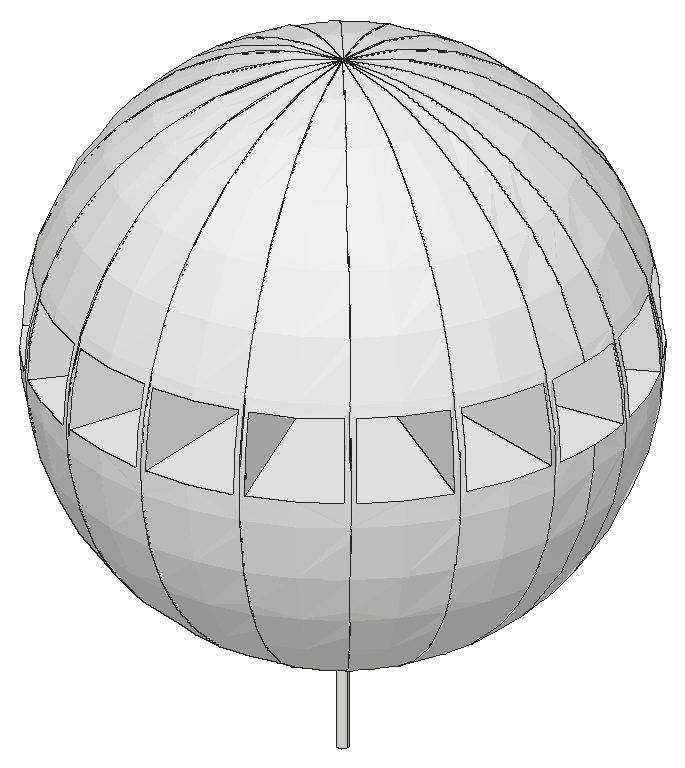
Revit family "123Electronics_Commercial-Loudspeakers_Biamp_Dispersion-Sphere-Loudspeaker_SPH20", category Communication Devices, host Face, Revit 2020 (continued)
Dimensions and locks (in)
  aligned and locked: plane 5 to Extrusion 9
  aligned and locked: plane 5 to Extrusion 11
  aligned and locked: plane 5 to Extrusion 18
  aligned and locked: plane 5 to Extrusion 10
  aligned and locked: plane 5 to Extrusion 13
  aligned and locked: plane 5 to Extrusion 19
  aligned and locked: plane 5 to Extrusion 2
  aligned and locked: plane 5 to Extrusion 3
  aligned and locked: plane 5 to Extrusion 5
  aligned and locked: plane 5 to Extrusion 4
  aligned and locked: plane 5 to Extrusion 8
  aligned and locked: Extrusion 4 to plane 4
  aligned and locked: Extrusion 3 to plane 4
  aligned and locked: Extrusion 5 to plane 4
  aligned and locked: Extrusion 8 to plane 4
  aligned and locked: Extrusion 7 to plane 4
  aligned and locked: Extrusion 6 to plane 4
  aligned and locked: Extrusion 17 to plane 4
  aligned and locked: Extrusion 19 to plane 4
  aligned and locked: Extrusion 18 to plane 4
  aligned and locked: Extrusion 10 to plane 4
  aligned and locked: Extrusion 11 to plane 4
  aligned and locked: Revolve 20 sketch curve to plane 4
  aligned and locked: plane 5 to Revolve 20 sketch curve
  aligned and locked: cut or joined group of Extrusion 5, Revolve 20, Extrusion 23, Extrusion 27 to plane 8
  aligned and locked: cut or joined group of Extrusion 3, Revolve 20, Extrusion 24, Extrusion 28 to plane 8
  aligned and locked: cut or joined group of Extrusion 2, Revolve 20, Extrusion 22, Extrusion 24, Extrusion 26 to plane 8
  aligned and locked: cut or joined group of Extrusion 9, Revolve 20, Extrusion 26, Extrusion 30 to plane 8
  aligned and locked: cut or joined group of Extrusion 7, Revolve 20, Extrusion 25, Extrusion 29 to plane 8
  aligned and locked: cut or joined group of Extrusion 6, Revolve 20, Extrusion 29, Extrusion 33 to plane 8
  aligned and locked: cut or joined group of Extrusion 17, Revolve 20, Extrusion 30, Extrusion 32, Extrusion 34 to plane 8
  aligned and locked: cut or joined group of Extrusion 14, Revolve 20, Extrusion 32, Extrusion 36 to plane 8
  aligned and locked: cut or joined group of Extrusion 16, Revolve 20, Extrusion 31, Extrusion 35 to plane 8
  aligned and locked: cut or joined group of Extrusion 15, Revolve 20, Extrusion 35 to plane 8
  aligned and locked: cut or joined group of Extrusion 8, Revolve 20, Extrusion 28, Extrusion 32 to plane 8
  aligned and locked: cut or joined group of Extrusion 12, Revolve 20, Extrusion 36 to plane 8
  aligned and locked: cut or joined group of Extrusion 13, Revolve 20, Extrusion 34, Extrusion 36, Extrusion 38 to plane 8
  aligned and locked: cut or joined group of Extrusion 4, Revolve 20, Extrusion 27, Extrusion 31 to plane 8
  aligned and locked: cut or joined group of Extrusion 3, Revolve 20, Extrusion 24, Extrusion 28 to plane 7
  aligned and locked: cut or joined group of Extrusion 2, Revolve 20, Extrusion 22, Extrusion 24, Extrusion 26 to plane 7
  aligned and locked: cut or joined group of Extrusion 6, Revolve 20, Extrusion 29, Extrusion 33 to plane 7
  aligned and locked: cut or joined group of Extrusion 7, Revolve 20, Extrusion 25, Extrusion 29 to plane 7
  aligned and locked: cut or joined group of Extrusion 9, Revolve 20, Extrusion 26, Extrusion 30 to plane 7
  aligned and locked: cut or joined group of Extrusion 8, Revolve 20, Extrusion 28, Extrusion 32 to plane 7
  aligned and locked: cut or joined group of Extrusion 17, Revolve 20, Extrusion 30, Extrusion 32, Extrusion 34 to plane 7
  aligned and locked: cut or joined group of Extrusion 14, Revolve 20, Extrusion 32, Extrusion 36 to plane 7
  aligned and locked: cut or joined group of Extrusion 16, Revolve 20, Extrusion 31, Extrusion 35 to plane 7
  aligned and locked: cut or joined group of Extrusion 15, Revolve 20, Extrusion 35 to plane 7
  aligned and locked: cut or joined group of Extrusion 12, Revolve 20, Extrusion 36 to plane 7
  aligned and locked: cut or joined group of Extrusion 13, Revolve 20, Extrusion 34, Extrusion 36, Extrusion 38 to plane 7
  aligned and locked: cut or joined group of Extrusion 4, Revolve 20, Extrusion 27, Extrusion 31 to plane 7
  aligned and locked: cut or joined group of Extrusion 5, Revolve 20, Extrusion 23, Extrusion 27 to plane 7
  aligned and locked: cut or joined group of Extrusion 19, Revolve 20, Extrusion 21, Extrusion 22, Extrusion 23, Extrusion 25, Extrusion 38 to plane 8
  aligned and locked: cut or joined group of Extrusion 19, Revolve 20, Extrusion 21, Extrusion 22, Extrusion 23, Extrusion 25, Extrusion 38 to plane 7
  aligned and locked: cut or joined group of Extrusion 18, Revolve 20, Extrusion 38 to plane 7
  aligned and locked: cut or joined group of Extrusion 18, Revolve 20, Extrusion 38 to plane 8
  aligned and locked: plane 8 to cut or joined group of Extrusion 3, Revolve 20, Extrusion 24, Extrusion 28
  aligned and locked: plane 8 to cut or joined group of Extrusion 5, Revolve 20, Extrusion 23, Extrusion 27
  aligned and locked: cut or joined group of Extrusion 10, Revolve 20, Extrusion 37 to plane 7
  aligned and locked: cut or joined group of Extrusion 11, Revolve 20, Extrusion 33, Extrusion 37 to plane 7
  aligned and locked: cut or joined group of Extrusion 11, Revolve 20, Extrusion 33, Extrusion 37 to plane 8
  aligned and locked: cut or joined group of Extrusion 10, Revolve 20, Extrusion 37 to plane 8
  aligned and locked: cut or joined group of Extrusion 15, Revolve 20, Extrusion 35 to plane 4
  aligned and locked: cut or joined group of Extrusion 16, Revolve 20, Extrusion 31, Extrusion 35 to plane 4
  aligned and locked: cut or joined group of Extrusion 12, Revolve 20, Extrusion 36 to plane 4
  aligned and locked: cut or joined group of Extrusion 13, Revolve 20, Extrusion 34, Extrusion 36, Extrusion 38 to plane 4
  aligned and locked: cut or joined group of Extrusion 14, Revolve 20, Extrusion 32, Extrusion 36 to plane 4
  aligned and locked: plane 9 to Revolve 39 sketch curve
  aligned and locked: plane 6 to Revolve 39 sketch curve
  aligned and locked: Masking region 4 sketch curve to plane 4
  aligned and locked: Masking region 4 sketch curve to plane 5
  aligned and locked: plane 7 to cut or joined group of Extrusion 17, Revolve 20, Extrusion 30, Extrusion 32, Extrusion 34
  aligned and locked: plane 7 to cut or joined group of Extrusion 6, Revolve 20, Extrusion 29, Extrusion 33
  aligned and locked: plane 7 to cut or joined group of Extrusion 7, Revolve 20, Extrusion 25, Extrusion 29
  aligned and locked: plane 7 to cut or joined group of Extrusion 9, Revolve 20, Extrusion 26, Extrusion 30
  aligned and locked: Masking region 2 sketch curve to plane 6
  aligned and locked: Masking region 5 sketch curve to plane 9
  aligned and locked: Masking region 5 sketch curve to plane 6
  aligned and locked: Masking region 6 sketch curve to cut or joined group of Extrusion 1, Extrusion 21, Revolve 39
  aligned and locked: Masking region 6 sketch curve to Masking region 1
  aligned and locked: Masking region 7 sketch curve to plane 5
  aligned and locked: Masking region 7 sketch curve to plane 4
  aligned and locked: plane 7 to cut or joined group of Extrusion 5, Revolve 20, Extrusion 23, Extrusion 27  (x2)
  aligned and locked: plane 7 to cut or joined group of Extrusion 4, Revolve 20, Extrusion 27, Extrusion 31
  aligned and locked: Revolve 40 sketch curve to plane 4
  aligned and locked: Revolve 40 sketch curve to plane 5
  aligned and locked: Revolve 40 to curve 119
Automatic sketch dimensions
  host sketch curve to host sketch curve = 96.00"  (x2)
  plane 1 "Center (Front/Back)" to Extrusion 1 sketch curve = 0.00"
  Extrusion 1 sketch curve to plane 3 "Center (Left/Right)" = 0.00"
  plane 1 "Center (Front/Back)" to Masking region 1 sketch curve = 0.09843"
  Masking region 1 sketch curve to plane 1 "Center (Front/Back)" = 0.09843"
  Extrusion 2 sketch curve to plane 3 "Center (Left/Right)" = 0.00"
  plane 1 "Center (Front/Back)" to Extrusion 2 sketch curve = 0.00"
  plane 3 "Center (Left/Right)" to Extrusion 2 sketch curve = 1.71683"
  Extrusion 2 sketch curve to plane 1 "Center (Front/Back)" = 4.71696"
  Extrusion 2 sketch curve to Extrusion 2 sketch curve = 0.30272"
  plane 1 "Center (Front/Back)" to Extrusion 3 sketch curve = 0.00"
  Extrusion 3 sketch curve to plane 3 "Center (Left/Right)" = 0.00"
  Extrusion 3 sketch curve to Extrusion 3 sketch curve = 1.71683"
  Extrusion 3 sketch curve to Extrusion 3 sketch curve = 4.71696"
  Extrusion 3 sketch curve to Extrusion 3 sketch curve = 0.30272"
  plane 1 "Center (Front/Back)" to Extrusion 4 sketch curve = 0.00"
  Extrusion 4 sketch curve to plane 3 "Center (Left/Right)" = 0.00"
  Extrusion 4 sketch curve to Extrusion 4 sketch curve = 1.71683"
  Extrusion 4 sketch curve to Extrusion 4 sketch curve = 4.71696"
  Extrusion 4 sketch curve to Extrusion 4 sketch curve = 0.30272"
  plane 1 "Center (Front/Back)" to Extrusion 5 sketch curve = 0.00"
  Extrusion 5 sketch curve to plane 3 "Center (Left/Right)" = 0.00"
  Extrusion 5 sketch curve to Extrusion 5 sketch curve = 1.71683"
  Extrusion 5 sketch curve to Extrusion 5 sketch curve = 4.71696"
  Extrusion 5 sketch curve to Extrusion 5 sketch curve = 0.30272"
  plane 1 "Center (Front/Back)" to Extrusion 6 sketch curve = 0.00"
  Extrusion 6 sketch curve to plane 3 "Center (Left/Right)" = 0.00"
  Extrusion 6 sketch curve to Extrusion 6 sketch curve = 1.71683"
  Extrusion 6 sketch curve to Extrusion 6 sketch curve = 4.71696"
  Extrusion 6 sketch curve to Extrusion 6 sketch curve = 0.30272"
  plane 1 "Center (Front/Back)" to Extrusion 7 sketch curve = 0.00"
  Extrusion 7 sketch curve to plane 3 "Center (Left/Right)" = 0.00"
  Extrusion 7 sketch curve to Extrusion 7 sketch curve = 1.71683"
  Extrusion 7 sketch curve to Extrusion 7 sketch curve = 4.71696"
  Extrusion 7 sketch curve to Extrusion 7 sketch curve = 0.30272"
  plane 1 "Center (Front/Back)" to Extrusion 8 sketch curve = 0.00"
  Extrusion 8 sketch curve to plane 3 "Center (Left/Right)" = 0.00"
  Extrusion 8 sketch curve to Extrusion 8 sketch curve = 1.71683"
  Extrusion 8 sketch curve to Extrusion 8 sketch curve = 4.71696"
  Extrusion 8 sketch curve to Extrusion 8 sketch curve = 0.30272"
  plane 1 "Center (Front/Back)" to Extrusion 9 sketch curve = 0.00"
  Extrusion 9 sketch curve to plane 3 "Center (Left/Right)" = 0.00"
  Extrusion 9 sketch curve to Extrusion 9 sketch curve = 1.71683"
  Extrusion 9 sketch curve to Extrusion 9 sketch curve = 4.71696"
  Extrusion 9 sketch curve to Extrusion 9 sketch curve = 0.30272"
  plane 1 "Center (Front/Back)" to Extrusion 10 sketch curve = 0.00"
  Extrusion 10 sketch curve to plane 3 "Center (Left/Right)" = 0.00"
  Extrusion 10 sketch curve to Extrusion 10 sketch curve = 1.71683"
  Extrusion 10 sketch curve to Extrusion 10 sketch curve = 4.71696"
  Extrusion 10 sketch curve to Extrusion 10 sketch curve = 0.30272"
  plane 1 "Center (Front/Back)" to Extrusion 11 sketch curve = 0.00"
  Extrusion 11 sketch curve to plane 3 "Center (Left/Right)" = 0.00"
  Extrusion 11 sketch curve to Extrusion 11 sketch curve = 1.71683"
  Extrusion 11 sketch curve to Extrusion 11 sketch curve = 4.71696"
  Extrusion 11 sketch curve to Extrusion 11 sketch curve = 0.30272"
  plane 1 "Center (Front/Back)" to Extrusion 12 sketch curve = 0.00"
  Extrusion 12 sketch curve to plane 3 "Center (Left/Right)" = 0.00"
  Extrusion 12 sketch curve to Extrusion 12 sketch curve = 1.71683"
  Extrusion 12 sketch curve to Extrusion 12 sketch curve = 4.71696"
  Extrusion 12 sketch curve to Extrusion 12 sketch curve = 0.30272"
  plane 1 "Center (Front/Back)" to Extrusion 13 sketch curve = 0.00"
  Extrusion 13 sketch curve to plane 3 "Center (Left/Right)" = 0.00"
  Extrusion 13 sketch curve to Extrusion 13 sketch curve = 1.71683"
  Extrusion 13 sketch curve to Extrusion 13 sketch curve = 4.71696"
  Extrusion 13 sketch curve to Extrusion 13 sketch curve = 0.30272"
  plane 1 "Center (Front/Back)" to Extrusion 14 sketch curve = 0.00"
  Extrusion 14 sketch curve to plane 3 "Center (Left/Right)" = 0.00"  (x2)
  Extrusion 14 sketch curve to Extrusion 14 sketch curve = 1.71683"
  Extrusion 14 sketch curve to Extrusion 14 sketch curve = 0.30272"
  plane 1 "Center (Front/Back)" to Extrusion 15 sketch curve = 0.00"
  Extrusion 15 sketch curve to plane 3 "Center (Left/Right)" = 0.00"
  Extrusion 15 sketch curve to Extrusion 15 sketch curve = 1.71683"
  Extrusion 15 sketch curve to Extrusion 15 sketch curve = 4.71696"
  Extrusion 15 sketch curve to Extrusion 15 sketch curve = 0.30272"
  plane 1 "Center (Front/Back)" to Extrusion 16 sketch curve = 0.00"
  Extrusion 16 sketch curve to plane 3 "Center (Left/Right)" = 0.00"
  Extrusion 16 sketch curve to Extrusion 16 sketch curve = 1.71683"
  Extrusion 16 sketch curve to Extrusion 16 sketch curve = 4.71696"
  Extrusion 16 sketch curve to Extrusion 16 sketch curve = 0.30272"
  plane 1 "Center (Front/Back)" to Extrusion 17 sketch curve = 0.00"
  Extrusion 17 sketch curve to plane 3 "Center (Left/Right)" = 0.00"  (x2)
  Extrusion 17 sketch curve to Extrusion 17 sketch curve = 1.71683"
  Extrusion 17 sketch curve to Extrusion 17 sketch curve = 0.30272"
  plane 1 "Center (Front/Back)" to Extrusion 18 sketch curve = 0.00"
  Extrusion 18 sketch curve to plane 3 "Center (Left/Right)" = 0.00"
  Extrusion 18 sketch curve to Extrusion 18 sketch curve = 1.71683"
  Extrusion 18 sketch curve to Extrusion 18 sketch curve = 4.71696"
  Extrusion 18 sketch curve to Extrusion 18 sketch curve = 0.30272"
  Extrusion 19 sketch curve to plane 3 "Center (Left/Right)" = 0.00"
  plane 1 "Center (Front/Back)" to Extrusion 19 sketch curve = 0.00"
  plane 3 "Center (Left/Right)" to Extrusion 19 sketch curve = 1.71683"
  plane 1 "Center (Front/Back)" to Extrusion 19 sketch curve = 4.71696"
  Extrusion 19 sketch curve to Extrusion 19 sketch curve = 0.30272"
  plane 1 "Center (Front/Back)" to Extrusion 21 sketch curve = 0.00"
  Extrusion 21 sketch curve to plane 3 "Center (Left/Right)" = 0.00"
  Extrusion 21 sketch curve to plane 3 "Center (Left/Right)" = 0.08932"
  Extrusion 21 sketch curve to Extrusion 21 sketch curve = 1.57697"
  Extrusion 21 sketch curve to plane 1 "Center (Front/Back)" = 4.83927"
  Extrusion 21 sketch curve to Extrusion 21 sketch curve = 0.27806"
  plane 1 "Center (Front/Back)" to Extrusion 22 sketch curve = 0.00"
  Extrusion 22 sketch curve to plane 3 "Center (Left/Right)" = 0.00"
  Extrusion 22 sketch curve to plane 3 "Center (Left/Right)" = 0.08932"
  Extrusion 22 sketch curve to Extrusion 22 sketch curve = 1.57697"
  plane 1 "Center (Front/Back)" to Extrusion 22 sketch curve = 4.83927"
  Extrusion 22 sketch curve to Extrusion 22 sketch curve = 0.27806"
  plane 1 "Center (Front/Back)" to Extrusion 23 sketch curve = 0.00"
  Extrusion 23 sketch curve to plane 3 "Center (Left/Right)" = 0.00"
  Extrusion 23 sketch curve to Extrusion 23 sketch curve = 0.08932"
  Extrusion 23 sketch curve to Extrusion 23 sketch curve = 1.57697"
  Extrusion 23 sketch curve to Extrusion 23 sketch curve = 4.83927"
  Extrusion 23 sketch curve to Extrusion 23 sketch curve = 0.27806"
  plane 1 "Center (Front/Back)" to Extrusion 24 sketch curve = 0.00"
  Extrusion 24 sketch curve to plane 3 "Center (Left/Right)" = 0.00"
  Extrusion 24 sketch curve to Extrusion 24 sketch curve = 0.08932"
  Extrusion 24 sketch curve to Extrusion 24 sketch curve = 1.57697"
  Extrusion 24 sketch curve to Extrusion 24 sketch curve = 4.83927"
  Extrusion 24 sketch curve to Extrusion 24 sketch curve = 0.27806"
  plane 1 "Center (Front/Back)" to Extrusion 25 sketch curve = 0.00"
  Extrusion 25 sketch curve to plane 3 "Center (Left/Right)" = 0.00"
  Extrusion 25 sketch curve to Extrusion 25 sketch curve = 0.08932"
  Extrusion 25 sketch curve to Extrusion 25 sketch curve = 1.57697"
  Extrusion 25 sketch curve to Extrusion 25 sketch curve = 4.83927"
  Extrusion 25 sketch curve to Extrusion 25 sketch curve = 0.27806"
  plane 1 "Center (Front/Back)" to Extrusion 26 sketch curve = 0.00"
  Extrusion 26 sketch curve to plane 3 "Center (Left/Right)" = 0.00"
  Extrusion 26 sketch curve to Extrusion 26 sketch curve = 0.08932"
  Extrusion 26 sketch curve to Extrusion 26 sketch curve = 1.57697"
  Extrusion 26 sketch curve to Extrusion 26 sketch curve = 4.83927"
  Extrusion 26 sketch curve to Extrusion 26 sketch curve = 0.27806"
  plane 1 "Center (Front/Back)" to Extrusion 27 sketch curve = 0.00"
  Extrusion 27 sketch curve to plane 3 "Center (Left/Right)" = 0.00"
  Extrusion 27 sketch curve to Extrusion 27 sketch curve = 0.08932"
  Extrusion 27 sketch curve to Extrusion 27 sketch curve = 1.57697"
  Extrusion 27 sketch curve to Extrusion 27 sketch curve = 4.83927"
  Extrusion 27 sketch curve to Extrusion 27 sketch curve = 0.27806"
  plane 1 "Center (Front/Back)" to Extrusion 28 sketch curve = 0.00"
  Extrusion 28 sketch curve to plane 3 "Center (Left/Right)" = 0.00"
  Extrusion 28 sketch curve to Extrusion 28 sketch curve = 0.08932"
  Extrusion 28 sketch curve to Extrusion 28 sketch curve = 1.57697"
  Extrusion 28 sketch curve to Extrusion 28 sketch curve = 4.83927"
  Extrusion 28 sketch curve to Extrusion 28 sketch curve = 0.27806"
  plane 1 "Center (Front/Back)" to Extrusion 29 sketch curve = 0.00"
  Extrusion 29 sketch curve to plane 3 "Center (Left/Right)" = 0.00"
  Extrusion 29 sketch curve to Extrusion 29 sketch curve = 0.08932"
  Extrusion 29 sketch curve to Extrusion 29 sketch curve = 1.57697"
  Extrusion 29 sketch curve to Extrusion 29 sketch curve = 4.83927"
  Extrusion 29 sketch curve to Extrusion 29 sketch curve = 0.27806"
  plane 1 "Center (Front/Back)" to Extrusion 30 sketch curve = 0.00"
  Extrusion 30 sketch curve to plane 3 "Center (Left/Right)" = 0.00"
  Extrusion 30 sketch curve to Extrusion 30 sketch curve = 0.08932"
  Extrusion 30 sketch curve to Extrusion 30 sketch curve = 1.57697"
  Extrusion 30 sketch curve to Extrusion 30 sketch curve = 4.83927"
  Extrusion 30 sketch curve to Extrusion 30 sketch curve = 0.27806"
  plane 1 "Center (Front/Back)" to Extrusion 31 sketch curve = 0.00"
  Extrusion 31 sketch curve to plane 3 "Center (Left/Right)" = 0.00"
  Extrusion 31 sketch curve to Extrusion 31 sketch curve = 0.08932"
  Extrusion 31 sketch curve to Extrusion 31 sketch curve = 1.57697"
  Extrusion 31 sketch curve to Extrusion 31 sketch curve = 4.83927"
  Extrusion 31 sketch curve to Extrusion 31 sketch curve = 0.27806"
  plane 1 "Center (Front/Back)" to Extrusion 32 sketch curve = 0.00"
  Extrusion 32 sketch curve to plane 3 "Center (Left/Right)" = 0.00"
  Extrusion 32 sketch curve to Extrusion 32 sketch curve = 0.08932"
  Extrusion 32 sketch curve to Extrusion 32 sketch curve = 1.57697"
  Extrusion 32 sketch curve to Extrusion 32 sketch curve = 4.83927"
  Extrusion 32 sketch curve to Extrusion 32 sketch curve = 0.27806"
  plane 1 "Center (Front/Back)" to Extrusion 33 sketch curve = 0.00"
  Extrusion 33 sketch curve to plane 3 "Center (Left/Right)" = 0.00"
  Extrusion 33 sketch curve to Extrusion 33 sketch curve = 0.08932"
  Extrusion 33 sketch curve to Extrusion 33 sketch curve = 1.57697"
  Extrusion 33 sketch curve to Extrusion 33 sketch curve = 4.83927"
  Extrusion 33 sketch curve to Extrusion 33 sketch curve = 0.27806"
  plane 1 "Center (Front/Back)" to Extrusion 34 sketch curve = 0.00"
  Extrusion 34 sketch curve to plane 3 "Center (Left/Right)" = 0.00"
  Extrusion 34 sketch curve to Extrusion 34 sketch curve = 0.08932"
  Extrusion 34 sketch curve to Extrusion 34 sketch curve = 1.57697"
  Extrusion 34 sketch curve to Extrusion 34 sketch curve = 4.83927"
  Extrusion 34 sketch curve to Extrusion 34 sketch curve = 0.27806"
  plane 1 "Center (Front/Back)" to Extrusion 35 sketch curve = 0.00"
  Extrusion 35 sketch curve to plane 3 "Center (Left/Right)" = 0.00"
  Extrusion 35 sketch curve to Extrusion 35 sketch curve = 0.08932"
  Extrusion 35 sketch curve to Extrusion 35 sketch curve = 1.57697"
  Extrusion 35 sketch curve to Extrusion 35 sketch curve = 4.83927"
  Extrusion 35 sketch curve to Extrusion 35 sketch curve = 0.27806"
  plane 1 "Center (Front/Back)" to Extrusion 36 sketch curve = 0.00"
  Extrusion 36 sketch curve to plane 3 "Center (Left/Right)" = 0.00"
  Extrusion 36 sketch curve to Extrusion 36 sketch curve = 0.08932"
  Extrusion 36 sketch curve to Extrusion 36 sketch curve = 1.57697"
  Extrusion 36 sketch curve to Extrusion 36 sketch curve = 4.83927"
  Extrusion 36 sketch curve to Extrusion 36 sketch curve = 0.27806"
  plane 1 "Center (Front/Back)" to Extrusion 37 sketch curve = 0.00"
  Extrusion 37 sketch curve to plane 3 "Center (Left/Right)" = 0.00"
  Extrusion 37 sketch curve to Extrusion 37 sketch curve = 0.08932"
  Extrusion 37 sketch curve to Extrusion 37 sketch curve = 1.57697"
  Extrusion 37 sketch curve to Extrusion 37 sketch curve = 4.83927"
  Extrusion 37 sketch curve to Extrusion 37 sketch curve = 0.27806"
  plane 1 "Center (Front/Back)" to Extrusion 38 sketch curve = 0.00"
  Extrusion 38 sketch curve to plane 3 "Center (Left/Right)" = 0.00"
  Extrusion 38 sketch curve to Extrusion 38 sketch curve = 0.08932"
  Extrusion 38 sketch curve to Extrusion 38 sketch curve = 1.57697"
  Extrusion 38 sketch curve to Extrusion 38 sketch curve = 4.83927"
  Extrusion 38 sketch curve to Extrusion 38 sketch curve = 0.27806"
  plane 1 "Center (Front/Back)" to Masking region 3 sketch curve = 0.00"
  Masking region 3 sketch curve to plane 3 "Center (Left/Right)" = 0.00"
  curve 4 to curve 8 = 0.00"
  curve 4 to curve 37 = 0.00"
  curve 4 to curve 40 = 0.00"
  curve 4 to curve 71 = 0.00"
  curve 8 to curve 22 = 0.00"
  curve 8 to curve 33 = 0.00"
  curve 8 to curve 64 = 0.00"
  curve 13 to curve 17 = 0.00"  (x2)
  curve 13 to curve 22 = 0.00"
  curve 13 to curve 25 = 0.00"
  curve 17 to curve 37 = 0.00"
  curve 22 to curve 25 = 0.00"  (x2)
  curve 22 to curve 37 = 0.00"
  curve 22 to curve 40 = 0.00"
  curve 29 to curve 33 = 0.00"  (x2)
  curve 29 to curve 40 = 0.00"
  curve 33 to curve 64 = 0.00"
  curve 40 to curve 57 = 0.00"
  curve 45 to curve 49 = 0.00"  (x2)
  curve 45 to curve 71 = 0.00"
  curve 49 to curve 57 = 0.00"
  curve 49 to curve 68 = 0.00"  (x2)
  curve 54 to curve 57 = 0.00"  (x2)
  curve 54 to curve 61 = 0.00"
  curve 57 to curve 68 = 0.00"
  curve 61 to curve 64 = 0.00"  (x2)
  curve 68 to curve 71 = 0.00"
  plane 1 "Center (Front/Back)" to curve 29 = 0.00"
  curve 29 to plane 3 "Center (Left/Right)" = 0.00"
  curve 27 to plane 3 "Center (Left/Right)" = 0.00"
  plane 1 "Center (Front/Back)" to curve 11 = 0.00"
  curve 28 to plane 3 "Center (Left/Right)" = 0.0829"
  curve 9 to plane 3 "Center (Left/Right)" = 0.0829"
  curve 7 to curve 9 = 1.46362"
  curve 30 to curve 29 = 1.46362"
  curve 3 to curve 8 = 0.15581"
  curve 23 to curve 29 = 0.15581"
  curve 21 to curve 22 = 1.28709"
  curve 5 to curve 3 = 1.28709"
  curve 24 to curve 22 = 0.12701"
  curve 41 to curve 4 = 0.12701"
  curve 26 to curve 25 = 0.95531"
  curve 39 to curve 40 = 0.95531"
  curve 18 to curve 26 = 0.0829"
  curve 36 to curve 40 = 0.0829"
  curve 38 to plane 1 "Center (Front/Back)" = 0.90639"
  curve 38 to curve 37 = 0.50831"
  plane 1 "Center (Front/Back)" to curve 16 = 0.90639"
  curve 16 to curve 17 = 0.50831"
  plane 1 "Center (Front/Back)" to curve 12 = 0.7431"
  curve 12 to curve 17 = 0.02879"
  curve 14 to plane 1 "Center (Front/Back)" = 0.7431"
  plane 3 "Center (Left/Right)" to curve 32 = 0.0829"
  plane 3 "Center (Left/Right)" to curve 72 = 0.0829"
  curve 33 to curve 34 = 1.46362"
  curve 71 to curve 70 = 1.46362"
  curve 33 to curve 65 = 0.15581"
  curve 71 to curve 67 = 0.15581"
  curve 64 to curve 63 = 1.28709"
  curve 68 to curve 69 = 1.28709"
  curve 68 to curve 46 = 0.12701"
  curve 64 to curve 60 = 0.12701"
  curve 45 to curve 44 = 0.95531"
  curve 61 to curve 62 = 0.95531"
  curve 61 to curve 55 = 0.0829"
  curve 45 to curve 48 = 0.0829"
  plane 1 "Center (Front/Back)" to curve 53 = 0.90639"
  curve 55 to curve 53 = 0.50831"
  curve 50 to plane 1 "Center (Front/Back)" = 0.90639"
  curve 49 to curve 50 = 0.50831"
  plane 1 "Center (Front/Back)" to curve 56 = 0.7431"
  curve 53 to curve 56 = 0.02879"
  curve 58 to plane 1 "Center (Front/Back)" = 0.7431"
  curve 62 to curve 54 = 0.14359"
  curve 26 to curve 18 = 0.14359"
  curve 21 to curve 24 = 0.10658"
  curve 63 to curve 60 = 0.10658"
  curve 30 to curve 23 = 0.05671"
  curve 34 to curve 65 = 0.05671"
  curve 36 to curve 39 = 0.14359"
  curve 48 to curve 44 = 0.14359"
  curve 41 to curve 5 = 0.10658"
  curve 46 to curve 69 = 0.10658"
  curve 67 to curve 70 = 0.05671"
  curve 3 to curve 7 = 0.05671"
  curve 28 to plane 3 "Center (Left/Right)" = 0.08627"
  curve 9 to plane 3 "Center (Left/Right)" = 0.08627"
  curve 30 to curve 29 = 0.0629"
  curve 7 to curve 8 = 0.0629"
  curve 19 to curve 30 = 0.08133"
  curve 2 to curve 7 = 0.08133"
  curve 3 to curve 2 = 0.08081"
  curve 23 to curve 19 = 0.08081"
  curve 21 to curve 22 = 0.12158"
  curve 5 to curve 4 = 0.12158"
  curve 1 to curve 5 = 0.06657"
  curve 20 to curve 21 = 0.06657"
  curve 41 to curve 1 = 0.06561"
  curve 24 to curve 20 = 0.06561"
  curve 39 to curve 40 = 0.16559"
  curve 26 to curve 26 = 0.16559"
  curve 35 to curve 39 = 0.04379"
  curve 15 to curve 26 = 0.04379"
  curve 36 to curve 35 = 0.04249"
  curve 18 to curve 15 = 0.04249"
  curve 38 to plane 1 "Center (Front/Back)" = 0.94325"
  curve 38 to curve 37 = 0.18964"
  plane 1 "Center (Front/Back)" to curve 16 = 0.94325"
  curve 16 to curve 17 = 0.18964"
  curve 10 to plane 1 "Center (Front/Back)" = 0.85842"
  curve 10 to curve 38 = 0.01572"
  plane 1 "Center (Front/Back)" to curve 11 = 0.85842"
  curve 11 to curve 16 = 0.01572"
  plane 1 "Center (Front/Back)" to curve 12 = 0.77332"
  curve 12 to curve 11 = 0.01424"
  curve 14 to plane 1 "Center (Front/Back)" = 0.77332"
  curve 14 to curve 10 = 0.01424"
  plane 3 "Center (Left/Right)" to curve 32 = 0.08627"
  plane 3 "Center (Left/Right)" to curve 72 = 0.08627"
  curve 70 to curve 70 = 0.0629"
  curve 33 to curve 34 = 0.0629"
  curve 70 to curve 66 = 0.08133"
  curve 34 to curve 31 = 0.08133"
  curve 66 to curve 67 = 0.08081"
  curve 69 to curve 69 = 0.12158"
  curve 63 to curve 63 = 0.12158"
  curve 63 to curve 59 = 0.06657"
  curve 69 to curve 42 = 0.06657"
  curve 59 to curve 60 = 0.06561"
  curve 42 to curve 46 = 0.06561"
  curve 62 to curve 62 = 0.16559"
  curve 44 to curve 44 = 0.16559"
  curve 44 to curve 43 = 0.04379"
  curve 62 to curve 51 = 0.04379"
  curve 51 to curve 55 = 0.04249"
  curve 43 to curve 48 = 0.04249"
  plane 1 "Center (Front/Back)" to curve 53 = 0.94325"
  curve 54 to curve 53 = 0.18964"
  curve 50 to plane 1 "Center (Front/Back)" = 0.94325"
  curve 50 to curve 50 = 0.18964"
  curve 47 to plane 1 "Center (Front/Back)" = 0.85842"
  curve 50 to curve 47 = 0.01572"
  plane 1 "Center (Front/Back)" to curve 52 = 0.85842"
  curve 53 to curve 52 = 0.01572"
  plane 1 "Center (Front/Back)" to curve 56 = 0.77332"
  curve 52 to curve 56 = 0.01424"
  curve 58 to plane 1 "Center (Front/Back)" = 0.77332"
  curve 47 to curve 58 = 0.01424"
  curve 55 to curve 54 = 0.09366"
  curve 18 to curve 18 = 0.09366"
  curve 51 to curve 55 = 0.07509"
  curve 15 to curve 18 = 0.07509"
  curve 26 to curve 15 = 0.07434"
  curve 62 to curve 51 = 0.07434"
  curve 60 to curve 60 = 0.1458"
  curve 24 to curve 25 = 0.1458"
  curve 20 to curve 24 = 0.05603"
  curve 59 to curve 60 = 0.05603"
  curve 21 to curve 20 = 0.05488"
  curve 63 to curve 59 = 0.05488"
  curve 65 to curve 65 = 0.18035"
  curve 23 to curve 22 = 0.18035"
  curve 19 to curve 23 = 0.03022"
  curve 30 to curve 19 = 0.0288"
  curve 34 to curve 31 = 0.0288"
  curve 32 to curve 33 = 0.19316"
  curve 28 to curve 32 = 0.00"
  curve 27 to curve 28 = 0.00075"
  curve 36 to curve 36 = 0.09366"
  curve 48 to curve 48 = 0.09366"
  curve 36 to curve 35 = 0.07509"
  curve 48 to curve 43 = 0.07509"
  curve 43 to curve 44 = 0.07434"
  curve 35 to curve 39 = 0.07434"
  curve 46 to curve 46 = 0.1458"
  curve 40 to curve 41 = 0.1458"
  curve 41 to curve 1 = 0.05603"
  curve 46 to curve 42 = 0.05603"
  curve 1 to curve 5 = 0.05488"
  curve 42 to curve 69 = 0.05488"
  curve 67 to curve 67 = 0.18035"
  curve 4 to curve 3 = 0.18035"
  curve 67 to curve 66 = 0.03022"
  curve 3 to curve 2 = 0.03022"
  curve 66 to curve 70 = 0.0288"
  curve 2 to curve 7 = 0.0288"
  curve 8 to curve 9 = 0.19316"
  curve 9 to curve 72 = 0.00"
  curve 31 to curve 65 = 0.08081"
  curve 34 to curve 65 = 0.05902"
  curve 9 to curve 6 = 0.00075"
  Masking region 2 sketch curve to plane 3 "Center (Left/Right)" = 0.09843"
  plane 3 "Center (Left/Right)" to Masking region 2 sketch curve = 0.09843"
  Masking region 5 sketch curve to plane 3 "Center (Left/Right)" = 0.09843"
  plane 3 "Center (Left/Right)" to Masking region 5 sketch curve = 0.09843"
  Masking region 5 sketch curve to plane 3 "Center (Left/Right)" = 0.27643"
  plane 3 "Center (Left/Right)" to Masking region 5 sketch curve = 0.27643"
  curve 77 to plane 3 "Center (Left/Right)" = 0.00"
  curve 73 to plane 5 = 0.00"
  curve 104 to plane 3 "Center (Left/Right)" = 0.0829"
  curve 111 to plane 3 "Center (Left/Right)" = 0.08627"
  curve 104 to curve 104 = 1.46362"
  curve 111 to curve 98 = 0.0629"
  curve 105 to curve 98 = 0.15581"
  curve 110 to curve 98 = 0.16214"
  curve 105 to curve 105 = 1.28709"
  curve 110 to curve 110 = 1.33943"
  curve 106 to curve 105 = 0.12701"
  curve 109 to curve 97 = 0.13218"
  curve 106 to curve 106 = 0.95531"
  curve 107 to curve 101 = 0.0829"
  curve 109 to curve 100 = 0.99416"
  curve 108 to curve 101 = 0.08627"
  curve 107 to curve 102 = 0.50831"
  curve 108 to curve 102 = 0.52898"
  plane 3 "Center (Left/Right)" to curve 88 = 0.0829"
  plane 3 "Center (Left/Right)" to curve 95 = 0.08627"
  curve 88 to curve 88 = 1.46362"
  curve 88 to curve 95 = 0.0629"
  curve 88 to curve 89 = 0.15581"
  curve 82 to curve 94 = 0.16214"
  curve 89 to curve 89 = 1.28709"
  curve 80 to curve 94 = 1.33943"
  curve 89 to curve 90 = 0.12701"
  curve 81 to curve 93 = 0.13218"
  curve 90 to curve 90 = 0.95531"
  curve 85 to curve 91 = 0.0829"
  curve 84 to curve 93 = 0.99416"
  curve 93 to curve 92 = 0.08627"
  curve 86 to curve 91 = 0.50831"
  curve 86 to curve 92 = 0.52898"
  curve 76 to plane 4 = 0.00306"
  plane 5 to curve 83 = 0.00061"
  curve 83 to plane 3 "Center (Left/Right)" = 0.00137"
  curve 82 to plane 7 = 0.00153"
  curve 82 to curve 83 = 0.02416"
  curve 77 to curve 82 = 0.00129"
  plane 5 to curve 80 = 0.00061"
  curve 80 to curve 77 = 0.00128"
  curve 81 to plane 7 = 0.00153"
  curve 81 to curve 80 = 0.02124"
  curve 78 to curve 81 = 0.00106"
  curve 84 to curve 78 = 0.00104"
  plane 5 to curve 85 = 0.00061"
  curve 85 to curve 84 = 0.01577"
  plane 5 to curve 79 = 0.00061"
  curve 79 to curve 85 = 0.00069"
  curve 86 to curve 79 = 0.00067"
  curve 87 to plane 7 = 0.00153"
  curve 87 to curve 86 = 0.00839"
  plane 5 to curve 99 = 0.00061"
  plane 3 "Center (Left/Right)" to curve 99 = 0.00137"
  curve 98 to plane 7 = 0.00153"
  curve 99 to curve 98 = 0.02416"
  plane 5 to curve 75 = 0.00061"
  curve 98 to curve 75 = 0.00129"
  curve 75 to curve 96 = 0.00128"
  curve 97 to plane 7 = 0.00153"
  curve 96 to curve 97 = 0.02124"
  curve 97 to curve 74 = 0.00106"
  curve 74 to curve 100 = 0.00104"
  curve 101 to plane 7 = 0.00153"
  curve 100 to curve 101 = 0.01577"
  plane 5 to curve 73 = 0.00061"
  curve 101 to curve 73 = 0.00069"
  curve 73 to curve 102 = 0.00067"
  plane 5 to curve 103 = 0.00061"
  curve 102 to curve 103 = 0.00839"
  curve 100 to curve 74 = 0.00"
  curve 102 to curve 73 = 0.00"
  curve 96 to curve 75 = 0.00"
  curve 86 to curve 85 = 0.00"
  curve 78 to curve 81 = 0.00"
  curve 84 to curve 78 = 0.00"
  curve 78 to curve 84 = 0.00"
  curve 74 to curve 100 = 0.00"
  curve 77 to curve 80 = 0.00"
  Revolve 20 sketch curve to plane 3 "Center (Left/Right)" = 0.00"  (x2)
  Revolve 20 sketch curve to plane 4 = 0.00"
  Revolve 20 sketch curve to plane 5 = 0.00"
  Revolve 20 sketch curve to Revolve 20 sketch curve = 0.11366"
  Revolve 20 sketch curve to Revolve 20 sketch curve = 5.07009"
  Revolve 20 sketch curve to plane 7 = 0.00153"
  Revolve 39 sketch curve to plane 3 "Center (Left/Right)" = 0.00"  (x2)
  Revolve 39 sketch curve to plane 6 = 0.00"
  Revolve 39 sketch curve to plane 4 = 0.00"
  Revolve 39 sketch curve to Revolve 39 sketch curve = 0.09843"
  Revolve 39 sketch curve to Revolve 39 sketch curve = 0.27559"
  Masking region 4 sketch curve to plane 7 = 0.00"  (x2)
  Masking region 4 sketch curve to plane 8 = 0.00"  (x2)
  Masking region 4 sketch curve to plane 3 "Center (Left/Right)" = 4.94342"
  Masking region 4 sketch curve to Masking region 4 sketch curve = 0.06086"  (x2)
  Masking region 4 sketch curve to Masking region 4 sketch curve = 0.13232"  (x2)
  Masking region 4 sketch curve to Masking region 4 sketch curve = 0.05848"  (x2)
  Masking region 4 sketch curve to plane 3 "Center (Left/Right)" = 0.09843"
  plane 7 to Masking region 4 sketch curve = 0.00427"  (x2)
  Masking region 4 sketch curve to plane 3 "Center (Left/Right)" = 0.07501"
  Masking region 4 sketch curve to Masking region 4 sketch curve = 0.00331"
  Masking region 4 sketch curve to plane 3 "Center (Left/Right)" = 0.05"
  plane 3 "Center (Left/Right)" to Masking region 4 sketch curve = 0.05"
  Masking region 4 sketch curve to plane 7 = 0.00745"
  plane 3 "Center (Left/Right)" to Masking region 4 sketch curve = 0.09843"
  plane 5 to Masking region 4 sketch curve = 0.00061"
  Masking region 4 sketch curve to Masking region 4 sketch curve = 0.02744"
  Masking region 4 sketch curve to plane 7 = 0.00153"
  Masking region 4 sketch curve to Masking region 4 sketch curve = 0.00243"
  plane 1 "Center (Front/Back)" to Masking region 6 sketch curve = 0.09843"
  Masking region 6 sketch curve to plane 1 "Center (Front/Back)" = 0.09843"
  Masking region 7 sketch curve to plane 5 = 0.01188"  (x2)
  plane 1 "Center (Front/Back)" to Masking region 7 sketch curve = 0.27562"
  plane 1 "Center (Front/Back)" to Masking region 7 sketch curve = 0.11366"
  plane 1 "Center (Front/Back)" to Masking region 7 sketch curve = 0.08679"
  Masking region 7 sketch curve to plane 7 = 0.00153"  (x2)
  plane 1 "Center (Front/Back)" to Masking region 7 sketch curve = 0.0784"
  Masking region 7 sketch curve to plane 1 "Center (Front/Back)" = 0.08679"
  Masking region 7 sketch curve to plane 1 "Center (Front/Back)" = 0.11366"
  Revolve 40 sketch curve to plane 1 "Center (Front/Back)" = 0.00"  (x2)
  plane 1 "Center (Front/Back)" to Revolve 40 sketch curve = 0.05"
  Revolve 40 sketch curve to plane 5 = 0.01188"
  Revolve 40 sketch curve to Revolve 40 sketch curve = 0.22562"
  Revolve 40 sketch curve to plane 7 = 0.00153"
  Revolve 40 sketch curve to plane 1 "Center (Front/Back)" = 0.0784"
  plane 1 "Center (Front/Back)" to Revolve 40 sketch curve = 0.11366"
  Revolve 40 sketch curve to plane 6 = 0.28346"
  Revolve 40 sketch curve to Revolve 40 sketch curve = 0.48031"
  Revolve 40 sketch curve to plane 4 = 0.00"
  curve 87 to curve 108 = 0.00153"
  curve 109 to curve 108 = 0.00"
  curve 110 to curve 109 = 0.00"
  curve 102 to curve 95 = 0.00153"
  curve 111 to curve 110 = 0.00"
  curve 94 to curve 82 = 0.00"
  curve 93 to curve 81 = 0.00"
  curve 92 to curve 85 = 0.00"
  curve 94 to curve 89 = 1.37795"
  curve 90 to curve 89 = 0.00"
  curve 91 to curve 90 = 0.00"
  curve 88 to curve 89 = 0.00"
  curve 103 to curve 107 = 1.37795"
  curve 106 to curve 107 = 0.00"
  curve 105 to curve 100 = 0.00"
  curve 104 to curve 105 = 0.00"
  curve 79 to plane 3 "Center (Left/Right)" = 0.00"
  radius of Extrusion 1 sketch curve = 0.09843"
  radius of Masking region 3 sketch curve = 4.94342"
Connectors (in)
  electrical at (0, 0, 0)
    settings: on cut or joined group of Extrusion 1, Extrusion 21, Revolve 39, index 1, voltage 0 V, apparent load 0 VA, apparent load phase1 0 VA, apparent load phase2 0 VA, apparent load phase3 0 VA, power factor 1, load classification "Other", number of poles 1, system type 5, power factor state 1, is connector primary yes, connector utility no, sub classification motor no, connector description "Wire; 20-10-5-2.5 W 100V"
